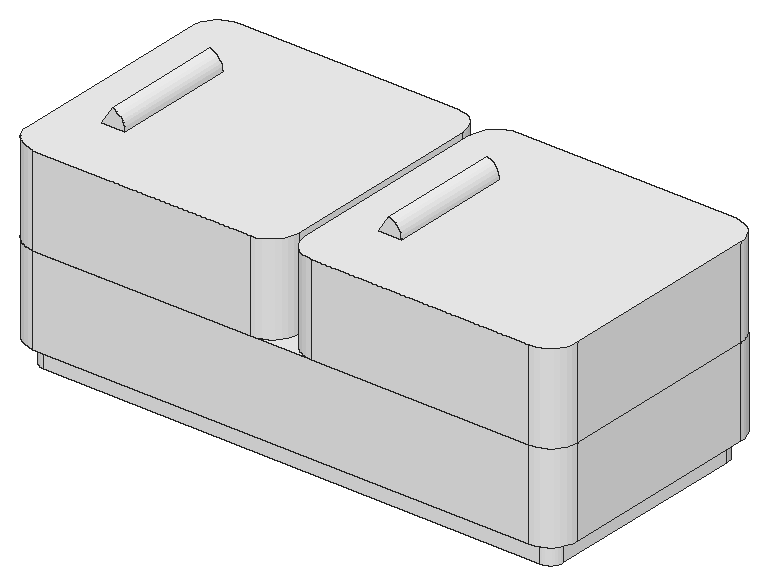
Revit family "Gira_017630", category Electrical Fixtures, host Face, Revit 2017
Family settings
  Host = Face
  Maintain Annotation Orientation = Yes
  Round Connector Dimension = Use Diameter
  Part Type = Normal
  Cut with Voids When Loaded = No
  Shared = No
  Room Calculation Point = No
Parameters (values of type "Combi off/2-way SCHUKO vert. HC WP surface-mounted grey")
  With lighting = "No"
  URL = "http://katalog.gira.de/en/datenblatt.html?artikelnr=017630"
  Type of switch = "Two-way switch"
  Type of socket outlet = "Protective contact (SCHUKO)"
  Type of fastening = "Mounting with screw"
  Surface protection = "Other"
  Suitable for degree of protection (IP) = "IP44"
  Number of socket outlets = "1"
  Nominal voltage = "250"
  Nominal current socket outlet = "16"
  Name = "Combi off/2-way SCHUKO vert. HC WP surface-mounted grey"
  Mounting method = "Surface mounted (plaster)"
  Mounting direction = "Vertical"
  Method of operation = "Rocker/button"
  Material quality = "Other"
  Material = "Other"
  Manufacturer URL = "https://www.gira.de/"
  Manufacturer = "Gira"
  Keynote = ""
  HeinzeBIM = "https://bimportal.heinze.de/bim/combi-off-2-way-schuko-vert-hc-wp-surface-mounted-grey/f16690b1691c24bf6d2bd48033fd9ba4048dfb6f"
  Halogen free = "No"
  HAN = "017630"
  GTIN = "4010337176305"
  Description = "Comb.off2w SCHUKO vert WP SM GY,Combination rocker switch SCHUKO socket outlet 16 A 250 V~ vertical with hinged cover,Universal off 2-way switch,grey,Notes :,- Instead of the SCHUKO socket outlets, switches, buttons or light signals can also be used.,- Can also be connected with illumination."
  Default Elevation = 1219.2 mm
  Data sheet (1) = "https://katalog.gira.de/en/download.html?artikelnr=017630"
  Colour = "Grey"
  Category = "Combination switch/wall socket outlet"
  BIM (1) = "https://media.stage.bim.site/public/gira/36a6b08/IP44_Komplettgerät_Steckdose_2fach.rfa?public/gira/36a6b08/IP44_Komplettgerät_Steckdose_2fach.rfa"
  Available = "No"
Reference planes
  plane 1 "Center (Front/Back)": y = 0
  plane 2: z = 0
  plane 3 "Center (Left/Right)": x = 0
  plane 4: x = -81
  plane 5: x = 81
  plane 6: y = 38
  plane 7: y = -38
  plane 8: x = -1
  plane 9: x = 1
  plane 10: x = -68.7
  plane 11: x = 12.8
  plane 12: x = -65.7
  plane 13: x = -77
  plane 14: x = 77
  plane 15: y = 34
  plane 16: y = -34
Forms (mm)
  Extrusion 1, solid, material "White", detail levels fine
    sketch origin (0, 0, 0) x (1, 0, 0) y (0, 1, 0)
      loop
        line (73, 38) -> (-73, 38)
        arc (-73, 38) -> (-78.657, 35.657) -> (-81, 30) r 8
        line (-81, 30) -> (-81, -30)
        arc (-81, -30) -> (-78.657, -35.657) -> (-73, -38) r 8
        line (-73, -38) -> (73, -38)
        arc (73, -38) -> (78.657, -35.657) -> (81, -30) r 8
        line (81, -30) -> (81, 30)
        arc (81, 30) -> (78.657, 35.657) -> (73, 38) r 8
    from 0 to 26
  Extrusion 2, solid, material "White", detail levels fine
    sketch origin (0, 0, 0) x (1, 0, 0) y (0, 1, 0)
      loop
        line (-9, 38) -> (-73, 38)
        arc (-73, 38) -> (-78.657, 35.657) -> (-81, 30) r 8
        line (-81, 30) -> (-81, -30)
        arc (-81, -30) -> (-78.657, -35.657) -> (-73, -38) r 8
        line (-73, -38) -> (-9, -38)
        arc (-9, -38) -> (-3.343, -35.657) -> (-1, -30) r 8
        line (-1, -30) -> (-1, 30)
        arc (-1, 30) -> (-3.343, 35.657) -> (-9, 38) r 8
      loop
        line (1, 30) -> (1, -30)
        arc (1, -30) -> (3.343, -35.657) -> (9, -38) r 8
        line (9, -38) -> (73, -38)
        arc (73, -38) -> (78.657, -35.657) -> (81, -30) r 8
        line (81, -30) -> (81, 30)
        arc (81, 30) -> (78.657, 35.657) -> (73, 38) r 8
        line (73, 38) -> (9, 38)
        arc (9, 38) -> (3.343, 35.657) -> (1, 30) r 8
    from 26 to 52.5
  Extrusion 3, solid, material "White", detail levels fine
    sketch origin (0, 0, 0) x (1, 0, 0) y (0, 0, 1)
      loop
        line (-68.7, 52.5) -> (-62.067, 52.5)
        arc (-62.067, 52.5) -> (-63.019, 55.628) -> (-65.7, 57.5) r 5
        line (-65.7, 57.5) -> (-68.7, 52.5)
    from 18 to -18
  Extrusion 4, solid, material "White", detail levels fine
    sketch origin (81.5, 0, 0) x (1, 0, 0) y (0, 0, 1)
      loop
        line (-68.7, 52.5) -> (-62.067, 52.5)
        arc (-62.067, 52.5) -> (-63.019, 55.628) -> (-65.7, 57.5) r 5
        line (-65.7, 57.5) -> (-68.7, 52.5)
    from 18 to -18
  Extrusion 5, solid, material "White", detail levels medium
    sketch origin (0, 0, 0) x (1, 0, 0) y (0, 1, 0)
      loop
        line (73, 38) -> (-73, 38)
        arc (-73, 38) -> (-78.657, 35.657) -> (-81, 30) r 8
        line (-81, 30) -> (-81, -30)
        arc (-81, -30) -> (-78.657, -35.657) -> (-73, -38) r 8
        line (-73, -38) -> (73, -38)
        arc (73, -38) -> (78.657, -35.657) -> (81, -30) r 8
        line (81, -30) -> (81, 30)
        arc (81, 30) -> (78.657, 35.657) -> (73, 38) r 8
    from 0 to 52.5
  Extrusion 6, solid, material "White", detail levels medium
    sketch origin (0, 0, 0) x (1, 0, 0) y (0, 0, 1)
      loop
        line (-68.7, 57.5) -> (-68.7, 52.5) -> (-62.067, 52.5) -> (-62.067, 57.5) -> (-68.7, 57.5)
    from -18 to 18
  Extrusion 7, solid, material "White", detail levels medium
    sketch origin (81.5, 0, 0) x (1, 0, 0) y (0, 0, 1)
      loop
        line (-68.7, 57.5) -> (-68.7, 52.5) -> (-62.067, 52.5) -> (-62.067, 57.5) -> (-68.7, 57.5)
    from -18 to 18
  Extrusion 8, solid, material "White", detail levels coarse
    sketch origin (0, 0, 0) x (1, 0, 0) y (0, 1, 0)
      loop
        line (81, 38) -> (-81, 38) -> (-81, -38) -> (81, -38) -> (81, 38)
    from -7 to 57.5
  Extrusion 9, solid, material "White", detail levels medium+fine
    sketch origin (0, 0, 0) x (1, 0, 0) y (0, 1, 0)
      loop
        line (73, 34) -> (-73, 34)
        arc (-73, 34) -> (-75.828, 32.828) -> (-77, 30) r 4
        line (-77, 30) -> (-77, -30)
        arc (-77, -30) -> (-75.828, -32.828) -> (-73, -34) r 4
        line (-73, -34) -> (73, -34)
        arc (73, -34) -> (75.828, -32.828) -> (77, -30) r 4
        line (77, -30) -> (77, 30)
        arc (77, 30) -> (75.828, 32.828) -> (73, 34) r 4
    from 0 to -7
Dimensions and locks
  aligned and locked: plane 2 to host face
  aligned and locked: level to host face
Nested families
  nested 1: "Steckdose 2-fach Beschriftung" at (0, 0, 0), type "Steckdose 2-fach Beschriftung"
Connectors
  electrical at (0, 0, -7)
    settings: on Extrusion 9, index 1, voltage 220 V, apparent load 0 VA, apparent load phase1 0 VA, apparent load phase2 0 VA, apparent load phase3 0 VA, power factor 1, load classification "Other", number of poles 1, system type 31, power factor state 1, is connector primary yes, connector utility no, sub classification motor no, connector description ""
Definition of nested family "Steckdose 2-fach Beschriftung"
  Reference planes
    plane 1: y = 0
    plane 2: x = 0
  Lines and regions (mm)
    detail lines
      curve 1: line (0, 0, 0) -> (0, 2, 0)
      curve 2: line (0, 2, 0) -> (2, 2, 0)
      curve 4: arc (0, 3, 0) -> (1, 2, 0) -> (2, 3, 0) r 1
      curve 5: line (0, 2, 0) -> (-2, 2, 0)
      curve 6: arc (0, 3, 0) -> (-1, 2, 0) -> (-2, 3, 0) r 1
    reference lines
      curve 3: line (-0.485, 3, 0) -> (2.315, 3, 0)
  Dimensions and locks
    curve 1 to curve 1 = 2 mm
    curve 2 to curve 2 = 2 mm
    plane 1 to curve 3 = 3 mm
    curve 5 to curve 5 = 2 mm
